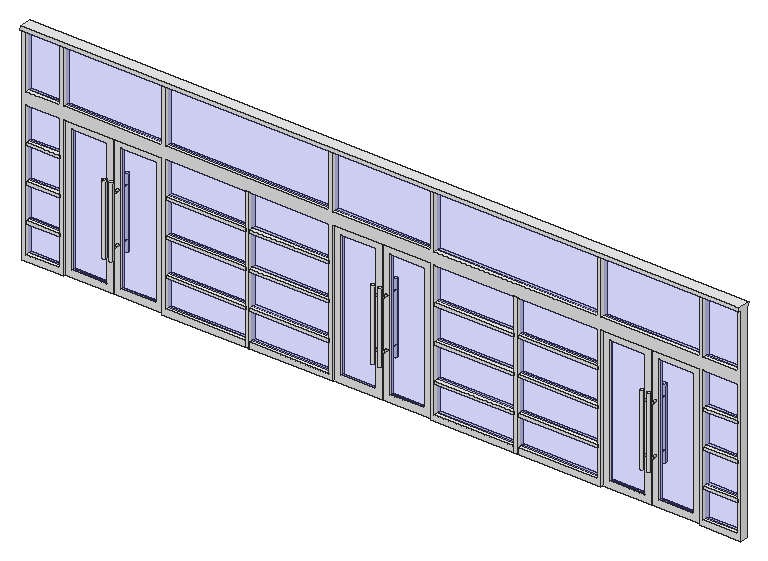
Revit family
Parameters (values of type "3600x1800 mm")
  프레임 = ""
  Height = 3600 mm
  모서리 = 2층 문 모서리
  4프레임 = 2층 문 프레임
  철물 = ""
  Assembly Code = ""
  유리/마감 = ""
  유리 = 2층 문 유리
  위치/개소 = ""
  부호 = "5/AD"
  문번호 = "5"
  문기호 = "AD"
  Wall Closure = (empty or 0)
  개구부 폭 = 1800 mm
Reference planes
  plane 1: y = 0
  plane 2 "중심(왼쪽/오른쪽)": x = -306
  plane 3 "왼쪽": x = -6456
  plane 4 "오른쪽": x = 5844
  plane 5: z = 3600
  plane 6 "외부": y = 100
  plane 7 "내부": y = -100
  plane 8: x = -6396
  plane 9: x = -5746
  plane 10: x = -5806
  plane 11: x = -4906
  plane 12: x = -4066
  plane 13: x = -4006
  plane 14: x = 534
  plane 15: x = -1146
  plane 16: x = -1206
  plane 17: x = 594
  plane 18: x = 5844
  plane 19: x = 5784
  plane 20: x = 5134
  plane 21: x = 5194
  plane 22: x = 4294
  plane 23: x = 3454
  plane 24: x = 3394
  plane 25: z = 2600
  plane 26: z = 100
  plane 27: z = 2400
  plane 28: z = 3540
  plane 29: z = 3570
  plane 30: x = 1963.667
  plane 31: x = 2023.667
  plane 32: x = -2606.333
  plane 33: x = -2636.333
  plane 34: x = -2576.333
  plane 35: x = 5164
  plane 36: y = -60
  plane 37: y = 60
  plane 38: y = -12.5
  plane 39: y = 12.5
  plane 40: x = 1993.667
  plane 41: x = -4966
  plane 42: x = -4846
  plane 43: x = -366
  plane 44: x = -246
  plane 45: x = 4234
  plane 46: x = 4354
  plane 47: z = 3950
  plane 48: z = -240
  plane 49: z = 1800
  plane 50: z = 1200
  plane 51: z = 600
  plane 52: z = 1825
  plane 53: z = 1775
  plane 54: z = 1225
  plane 55: z = 1175
  plane 56: z = 625
  plane 57: z = 575
Forms (mm)
  Extrusion 1, solid, material "2층 문 프레임" <- "4프레임"
    sketch origin (0, 0, 0) x (1, 0, 0) y (0, 1, 0)
      loop
        line (-6456, -60) -> (-5746, -60) -> (-5746, 60) -> (-6456, 60) -> (-6456, -60)
      loop
        line (-4066, -60) -> (-1146, -60) -> (-1146, 60) -> (-4066, 60) -> (-4066, -60)
      loop
        line (5844, -60) -> (5844, 60) -> (5134, 60) -> (5134, -60) -> (5844, -60)
      loop
        line (3454, -60) -> (3454, 60) -> (534, 60) -> (534, -60) -> (3454, -60)
    from 0 to 100
  Extrusion 2, solid, material "2층 문 프레임" <- "4프레임"
    sketch origin (0, 0, 0) x (1, 0, 0) y (0, 1, 0)
      loop
        line (-6456, 60) -> (-6456, -60) -> (5844, -60) -> (5844, 60) -> (-6456, 60)
    from 2600 to 2400
  Extrusion 3, solid, material "2층 문 프레임" <- "4프레임"
    sketch origin (0, 0, 0) x (1, 0, 0) y (0, 1, 0)
      loop
        line (-6456, 100) -> (-6456, -100) -> (5844, -100) -> (5844, 100) -> (-6456, 100)
    from 3600 to 3540
  Extrusion 4, solid, material "2층 문 프레임" <- "4프레임"
    sketch origin (0, 0, 0) x (1, 0, 0) y (0, 1, 0)
      loop
        line (-6456, 60) -> (-6456, -60) -> (-6396, -60) -> (-6396, 60) -> (-6456, 60)
      loop
        line (-5806, 60) -> (-5806, -60) -> (-5746, -60) -> (-5746, 60) -> (-5806, 60)
      loop
        line (-4066, -60) -> (-4006, -60) -> (-4006, 60) -> (-4066, 60) -> (-4066, -60)
      loop
        line (-1206, -60) -> (-1146, -60) -> (-1146, 60) -> (-1206, 60) -> (-1206, -60)
      loop
        line (5844, 60) -> (5784, 60) -> (5784, -60) -> (5844, -60) -> (5844, 60)
      loop
        line (5194, 60) -> (5134, 60) -> (5134, -60) -> (5194, -60) -> (5194, 60)
      loop
        line (3454, -60) -> (3454, 60) -> (3394, 60) -> (3394, -60) -> (3454, -60)
      loop
        line (594, -60) -> (594, 60) -> (534, 60) -> (534, -60) -> (594, -60)
    from 0 to 3600
  Extrusion 5, solid, material "2층 문 유리" <- "유리"
    sketch origin (0, 0, 0) x (1, 0, 0) y (0, 1, 0)
      loop
        line (-6396, -12.5) -> (-5806, -12.5) -> (-5806, 12.5) -> (-6396, 12.5) -> (-6396, -12.5)
      loop
        line (-4006, -12.5) -> (-2636.333, -12.5) -> (-2636.333, 12.5) -> (-4006, 12.5) -> (-4006, -12.5)
      loop
        line (-2576.333, -12.5) -> (-1206, -12.5) -> (-1206, 12.5) -> (-2576.333, 12.5) -> (-2576.333, -12.5)
      loop
        line (5784, -12.5) -> (5784, 12.5) -> (5194, 12.5) -> (5194, -12.5) -> (5784, -12.5)
      loop
        line (3394, -12.5) -> (3394, 12.5) -> (2023.667, 12.5) -> (2023.667, -12.5) -> (3394, -12.5)
      loop
        line (1963.667, -12.5) -> (1963.667, 12.5) -> (594, 12.5) -> (594, -12.5) -> (1963.667, -12.5)
    from 100 to 575
  Extrusion 6, solid, material "2층 문 유리" <- "유리"
    sketch origin (0, 0, 0) x (1, 0, 0) y (0, 1, 0)
      loop
        line (-5746, -12.5) -> (-4906, -12.5) -> (-4906, 12.5) -> (-5746, 12.5) -> (-5746, -12.5)
      loop
        line (-1146, -12.5) -> (-306, -12.5) -> (-306, 12.5) -> (-1146, 12.5) -> (-1146, -12.5)
    from 0 to 2400
  Extrusion 7, solid, material "2층 문 유리" <- "유리"
    sketch origin (0, 0, 0) x (-1, 0, 0) y (0, -1, 0)
      loop
        line (-5134, 12.5) -> (-5134, -12.5) -> (-4294, -12.5) -> (-4294, 12.5) -> (-5134, 12.5)
      loop
        line (-534, 12.5) -> (-534, -12.5) -> (306, -12.5) -> (306, 12.5) -> (-534, 12.5)
    from 0 to 2400
  Extrusion 8, solid, material "2층 문 유리" <- "유리"
    sketch origin (0, 0, 0) x (1, 0, 0) y (0, 1, 0)
      loop
        line (-4906, -12.5) -> (-4066, -12.5) -> (-4066, 12.5) -> (-4906, 12.5) -> (-4906, -12.5)
      loop
        line (3454, -12.5) -> (4294, -12.5) -> (4294, 12.5) -> (3454, 12.5) -> (3454, -12.5)
    from 0 to 2400
  Sweep 9, solid, material "2층 문 모서리" <- "모서리"
    path origin (-6298, -12.5, 0) x (1, 0, 0) y (0, 0, 1)
      loop
        line (5152, 0) -> (5992, 0) -> (5992, 2400) -> (5152, 2400) -> (5152, 0)
    profile origin (-1146, -12.5, 1200) x (-1, 0, 0) y (0, -1, 0)
      loop
        line (0, 0) -> (0, 15) -> (-120, 15) -> (-120, 0) -> (0, 0)
  Sweep 10, solid, material "2층 문 모서리" <- "모서리"
    path origin (10582, -12.5, 0) x (-1, 0, 0) y (0, 0, -1)
      loop
        line (10048, 0) -> (10048, -2400) -> (10888, -2400) -> (10888, 0) -> (10048, 0)
    profile origin (534, -12.5, 1200) x (-1, 0, 0) y (0, -1, 0)
      loop
        line (0, 0) -> (120, 0) -> (120, 15) -> (0, 15) -> (0, 0)
  Sweep 11, solid, material "2층 문 모서리" <- "모서리"
    path origin (-8806, 12.5, 0) x (1, 0, 0) y (0, 0, -1)
      loop
        line (7660, 0) -> (7660, -2400) -> (8500, -2400) -> (8500, 0) -> (7660, 0)
    profile origin (-1146, 12.5, 1200) x (1, 0, 0) y (0, 1, 0)
      loop
        line (0, 0) -> (120, 0) -> (120, 15) -> (0, 15) -> (0, 0)
  Sweep 12, solid, material "2층 문 모서리" <- "모서리"
    path origin (8074, 12.5, 0) x (-1, 0, 0) y (0, 0, 1)
      loop
        line (7540, 0) -> (8380, 0) -> (8380, 2400) -> (7540, 2400) -> (7540, 0)
    profile origin (534, 12.5, 1200) x (1, 0, 0) y (0, 1, 0)
      loop
        line (0, 0) -> (0, 15) -> (-120, 15) -> (-120, 0) -> (0, 0)
  Sweep 13, solid, material "2층 문 모서리" <- "모서리"
    path origin (18302, -12.5, 0) x (-1, 0, 0) y (0, 0, -1)
      loop
        line (13168, 0) -> (13168, -2400) -> (14008, -2400) -> (14008, 0) -> (13168, 0)
    profile origin (5134, -12.5, 1200) x (-1, 0, 0) y (0, -1, 0)
      loop
        line (0, 0) -> (120, 0) -> (120, 15) -> (0, 15) -> (0, 0)
  Sweep 14, solid, material "2층 문 모서리" <- "모서리"
    path origin (-4086, 12.5, 0) x (1, 0, 0) y (0, 0, -1)
      loop
        line (7540, 0) -> (7540, -2400) -> (8380, -2400) -> (8380, 0) -> (7540, 0)
    profile origin (3454, 12.5, 1200) x (1, 0, 0) y (0, 1, 0)
      loop
        line (0, 0) -> (120, 0) -> (120, 15) -> (0, 15) -> (0, 0)
  Sweep 15, solid, material "2층 문 모서리" <- "모서리"
    path origin (12794, 12.5, 0) x (-1, 0, 0) y (0, 0, 1)
      loop
        line (7660, 0) -> (8500, 0) -> (8500, 2400) -> (7660, 2400) -> (7660, 0)
    profile origin (5134, 12.5, 1200) x (1, 0, 0) y (0, 1, 0)
      loop
        line (0, 0) -> (0, 15) -> (-120, 15) -> (-120, 0) -> (0, 0)
  Sweep 16, solid, material "2층 문 모서리" <- "모서리"
    path origin (-12794, 12.5, 0) x (1, 0, 0) y (0, 0, -1)
      loop
        line (7048, 0) -> (7048, -2400) -> (7888, -2400) -> (7888, 0) -> (7048, 0)
    profile origin (-5746, 12.5, 1200) x (1, 0, 0) y (0, 1, 0)
      loop
        line (0, 0) -> (120, 0) -> (120, 15) -> (0, 15) -> (0, 0)
  Sweep 17, solid, material "2층 문 모서리" <- "모서리"
    path origin (4086, 12.5, 0) x (-1, 0, 0) y (0, 0, 1)
      loop
        line (8152, 0) -> (8992, 0) -> (8992, 2400) -> (8152, 2400) -> (8152, 0)
    profile origin (-4066, 12.5, 1200) x (1, 0, 0) y (0, 1, 0)
      loop
        line (0, 0) -> (0, 15) -> (-120, 15) -> (-120, 0) -> (0, 0)
  Sweep 18, solid, material "2층 문 모서리" <- "모서리"
    path origin (-12794, -12.5, 0) x (1, 0, 0) y (0, 0, 1)
      loop
        line (7048, 0) -> (7888, 0) -> (7888, 2400) -> (7048, 2400) -> (7048, 0)
    profile origin (-5746, -12.5, 1200) x (-1, 0, 0) y (0, -1, 0)
      loop
        line (0, 0) -> (0, 15) -> (-120, 15) -> (-120, 0) -> (0, 0)
  Sweep 19, solid, material "2층 문 모서리" <- "모서리"
    path origin (4086, -12.5, 0) x (-1, 0, 0) y (0, 0, -1)
      loop
        line (8152, 0) -> (8152, -2400) -> (8992, -2400) -> (8992, 0) -> (8152, 0)
    profile origin (-4066, -12.5, 1200) x (-1, 0, 0) y (0, -1, 0)
      loop
        line (0, 0) -> (120, 0) -> (120, 15) -> (0, 15) -> (0, 0)
  Sweep 20, solid, material "2층 문 모서리" <- "모서리"
    path origin (-4086, -12.5, 0) x (1, 0, 0) y (0, 0, 1)
      loop
        line (7540, 0) -> (8380, 0) -> (8380, 2400) -> (7540, 2400) -> (7540, 0)
    profile origin (3454, -12.5, 1200) x (-1, 0, 0) y (0, -1, 0)
      loop
        line (0, 0) -> (0, 15) -> (-120, 15) -> (-120, 0) -> (0, 0)
  Extrusion 21, solid, material "2층 문 유리" <- "유리"
    sketch origin (0, 0, 0) x (1, 0, 0) y (0, 1, 0)
      loop
        line (-6396, -12.5) -> (-5806, -12.5) -> (-5806, 12.5) -> (-6396, 12.5) -> (-6396, -12.5)
      loop
        line (-5746, -12.5) -> (-4066, -12.5) -> (-4066, 12.5) -> (-5746, 12.5) -> (-5746, -12.5)
      loop
        line (-4006, -12.5) -> (-1206, -12.5) -> (-1206, 12.5) -> (-4006, 12.5) -> (-4006, -12.5)
      loop
        line (-1146, -12.5) -> (534, -12.5) -> (534, 12.5) -> (-1146, 12.5) -> (-1146, -12.5)
      loop
        line (594, -12.5) -> (3394, -12.5) -> (3394, 12.5) -> (594, 12.5) -> (594, -12.5)
      loop
        line (3454, -12.5) -> (5134, -12.5) -> (5134, 12.5) -> (3454, 12.5) -> (3454, -12.5)
      loop
        line (5194, -12.5) -> (5784, -12.5) -> (5784, 12.5) -> (5194, 12.5) -> (5194, -12.5)
    from 2600 to 3540
  Extrusion 22, solid, material "2층 문 프레임" <- "4프레임"
    sketch origin (0, 0, 0) x (1, 0, 0) y (0, 1, 0)
      loop
        line (-2636.333, -60) -> (-2576.333, -60) -> (-2576.333, 60) -> (-2636.333, 60) -> (-2636.333, -60)
      loop
        line (2023.667, -60) -> (2023.667, 60) -> (1963.667, 60) -> (1963.667, -60) -> (2023.667, -60)
    from 0 to 2400
  Extrusion 23, solid, material "2층 문 프레임" <- "4프레임"
    sketch origin (10686.676, 300, 1775) x (1, 0, 0) y (0, 1, 0)
      loop
        line (-17082.676, -360) -> (-16492.676, -360) -> (-16492.676, -240) -> (-17082.676, -240) -> (-17082.676, -360)
      loop
        line (-14692.676, -360) -> (-13323.009, -360) -> (-13323.009, -240) -> (-14692.676, -240) -> (-14692.676, -360)
      loop
        line (-11892.676, -240) -> (-13263.009, -240) -> (-13263.009, -360) -> (-11892.676, -360) -> (-11892.676, -240)
      loop
        line (-4902.676, -360) -> (-4902.676, -240) -> (-5492.676, -240) -> (-5492.676, -360) -> (-4902.676, -360)
      loop
        line (-7292.676, -360) -> (-7292.676, -240) -> (-8663.009, -240) -> (-8663.009, -360) -> (-7292.676, -360)
      loop
        line (-10092.676, -240) -> (-10092.676, -360) -> (-8723.009, -360) -> (-8723.009, -240) -> (-10092.676, -240)
    from 0 to 50
  Extrusion 24, solid, material "2층 문 프레임" <- "4프레임"
    sketch origin (10686.676, 300, 1175) x (1, 0, 0) y (0, 1, 0)
      loop
        line (-17082.676, -360) -> (-16492.676, -360) -> (-16492.676, -240) -> (-17082.676, -240) -> (-17082.676, -360)
      loop
        line (-14692.676, -360) -> (-13323.009, -360) -> (-13323.009, -240) -> (-14692.676, -240) -> (-14692.676, -360)
      loop
        line (-11892.676, -240) -> (-13263.009, -240) -> (-13263.009, -360) -> (-11892.676, -360) -> (-11892.676, -240)
      loop
        line (-4902.676, -360) -> (-4902.676, -240) -> (-5492.676, -240) -> (-5492.676, -360) -> (-4902.676, -360)
      loop
        line (-7292.676, -360) -> (-7292.676, -240) -> (-8663.009, -240) -> (-8663.009, -360) -> (-7292.676, -360)
      loop
        line (-10092.676, -240) -> (-10092.676, -360) -> (-8723.009, -360) -> (-8723.009, -240) -> (-10092.676, -240)
    from 0 to 50
  Extrusion 25, solid, material "2층 문 프레임" <- "4프레임"
    sketch origin (10686.676, 300, 575) x (1, 0, 0) y (0, 1, 0)
      loop
        line (-17082.676, -360) -> (-16492.676, -360) -> (-16492.676, -240) -> (-17082.676, -240) -> (-17082.676, -360)
      loop
        line (-14692.676, -360) -> (-13323.009, -360) -> (-13323.009, -240) -> (-14692.676, -240) -> (-14692.676, -360)
      loop
        line (-11892.676, -240) -> (-13263.009, -240) -> (-13263.009, -360) -> (-11892.676, -360) -> (-11892.676, -240)
      loop
        line (-4902.676, -360) -> (-4902.676, -240) -> (-5492.676, -240) -> (-5492.676, -360) -> (-4902.676, -360)
      loop
        line (-7292.676, -360) -> (-7292.676, -240) -> (-8663.009, -240) -> (-8663.009, -360) -> (-7292.676, -360)
      loop
        line (-10092.676, -240) -> (-10092.676, -360) -> (-8723.009, -360) -> (-8723.009, -240) -> (-10092.676, -240)
    from 0 to 50
  Extrusion 26, solid, material "2층 문 유리" <- "유리"
    sketch origin (0, 0, 525) x (1, 0, 0) y (0, 1, 0)
      loop
        line (-6396, -12.5) -> (-5806, -12.5) -> (-5806, 12.5) -> (-6396, 12.5) -> (-6396, -12.5)
      loop
        line (-4006, -12.5) -> (-2636.333, -12.5) -> (-2636.333, 12.5) -> (-4006, 12.5) -> (-4006, -12.5)
      loop
        line (-2576.333, -12.5) -> (-1206, -12.5) -> (-1206, 12.5) -> (-2576.333, 12.5) -> (-2576.333, -12.5)
      loop
        line (5784, -12.5) -> (5784, 12.5) -> (5194, 12.5) -> (5194, -12.5) -> (5784, -12.5)
      loop
        line (3394, -12.5) -> (3394, 12.5) -> (2023.667, 12.5) -> (2023.667, -12.5) -> (3394, -12.5)
      loop
        line (1963.667, -12.5) -> (1963.667, 12.5) -> (594, 12.5) -> (594, -12.5) -> (1963.667, -12.5)
    from 100 to 650
  Extrusion 27, solid, material "2층 문 유리" <- "유리"
    sketch origin (0, 0, 1125) x (1, 0, 0) y (0, 1, 0)
      loop
        line (-6396, -12.5) -> (-5806, -12.5) -> (-5806, 12.5) -> (-6396, 12.5) -> (-6396, -12.5)
      loop
        line (-4006, -12.5) -> (-2636.333, -12.5) -> (-2636.333, 12.5) -> (-4006, 12.5) -> (-4006, -12.5)
      loop
        line (-2576.333, -12.5) -> (-1206, -12.5) -> (-1206, 12.5) -> (-2576.333, 12.5) -> (-2576.333, -12.5)
      loop
        line (5784, -12.5) -> (5784, 12.5) -> (5194, 12.5) -> (5194, -12.5) -> (5784, -12.5)
      loop
        line (3394, -12.5) -> (3394, 12.5) -> (2023.667, 12.5) -> (2023.667, -12.5) -> (3394, -12.5)
      loop
        line (1963.667, -12.5) -> (1963.667, 12.5) -> (594, 12.5) -> (594, -12.5) -> (1963.667, -12.5)
    from 100 to 650
  Extrusion 28, solid, material "2층 문 유리" <- "유리"
    sketch origin (0, 0, 1725) x (1, 0, 0) y (0, 1, 0)
      loop
        line (-6396, -12.5) -> (-5806, -12.5) -> (-5806, 12.5) -> (-6396, 12.5) -> (-6396, -12.5)
      loop
        line (-4006, -12.5) -> (-2636.333, -12.5) -> (-2636.333, 12.5) -> (-4006, 12.5) -> (-4006, -12.5)
      loop
        line (-2576.333, -12.5) -> (-1206, -12.5) -> (-1206, 12.5) -> (-2576.333, 12.5) -> (-2576.333, -12.5)
      loop
        line (5784, -12.5) -> (5784, 12.5) -> (5194, 12.5) -> (5194, -12.5) -> (5784, -12.5)
      loop
        line (3394, -12.5) -> (3394, 12.5) -> (2023.667, 12.5) -> (2023.667, -12.5) -> (3394, -12.5)
      loop
        line (1963.667, -12.5) -> (1963.667, 12.5) -> (594, 12.5) -> (594, -12.5) -> (1963.667, -12.5)
    from 100 to 675
Cuts and joins
  joined: Extrusion 1, Extrusion 2, Extrusion 3, Extrusion 4
Lines and regions (mm)
  Opening 1
    outline origin (-3050, -100, 0) x (1, 0, 0) y (0, 0, 1)
      loop
        line (-3406, 0) -> (8894, 0) -> (8894, 3600) -> (-3406, 3600) -> (-3406, 0)
  symbolic lines
    curve 1: line (5849, 100, 3605) -> (-6461, 100, 3605)
    curve 2: line (-6456, 100, 3950) -> (-6456, 100, -240)
    curve 3: line (-6756, 100, 0) -> (6144, 100, 0)
    curve 4: line (5849, 100, 0) -> (5849, 100, 3605)
    curve 5: line (6144, 100, 3600) -> (-6756, 100, 3600)
    curve 6: line (5839, 100, 3595) -> (-6451, 100, 3595)
    curve 7: line (5844, 100, -240) -> (5844, 100, 3950)
    curve 8: line (5839, 100, 5) -> (5839, 100, 3595)
    curve 9: line (-6451, 100, 5) -> (5839, 100, 5)
    curve 10: line (-6451, 100, 3595) -> (-6451, 100, 5)
    curve 11: line (-6461, 100, 3605) -> (-6461, 100, 0)
    curve 12: line (4294, -27.5, 0) -> (4294, 32.5, 0)
    curve 13: line (-4906, 27.5, 0) -> (-4906, -27.5, 0)
    curve 14: line (-4906, -27.5, 0) -> (-4906, 27.5, 0)
    curve 15: line (-5746, 0, 0) -> (-5746, 840, 0)
    curve 16: arc (-5746, 840, 0) -> (-5152.03, 593.97, 0) -> (-4906, 0, 0) r 840
    curve 17: line (-5746, 0, 0) -> (-5746, -840, 0)
    curve 18: arc (-5746, -840, 0) -> (-5152.03, -593.97, 0) -> (-4906, 0, 0) r 840
    curve 19: line (-4066, 0, 0) -> (-4066, 840, 0)
    curve 20: arc (-4066, 840, 0) -> (-4659.97, 593.97, 0) -> (-4906, 0, 0) r 840
    curve 21: line (-4066, 0, 0) -> (-4066, -840, 0)
    curve 22: arc (-4066, -840, 0) -> (-4659.97, -593.97, 0) -> (-4906, 0, 0) r 840
    curve 23: line (-5746, 0, 0) -> (-5746, 840, 0)
    curve 24: arc (-5746, 840, 0) -> (-5152.03, 593.97, 0) -> (-4906, 0, 0) r 840
    curve 25: line (-5746, 0, 0) -> (-5746, -840, 0)
    curve 26: arc (-5746, -840, 0) -> (-5152.03, -593.97, 0) -> (-4906, 0, 0) r 840
    curve 27: line (-4066, 0, 0) -> (-4066, 840, 0)
    curve 28: arc (-4066, 840, 0) -> (-4659.97, 593.97, 0) -> (-4906, 0, 0) r 840
    curve 29: line (-4066, 0, 0) -> (-4066, -840, 0)
    curve 30: arc (-4066, -840, 0) -> (-4659.97, -593.97, 0) -> (-4906, 0, 0) r 840
    curve 31: line (3454, 0, 0) -> (3454, 840, 0)
    curve 32: arc (3454, 840, 0) -> (4047.97, 593.97, 0) -> (4294, 0, 0) r 840
    curve 33: line (3454, 0, 0) -> (3454, -840, 0)
    curve 34: arc (3454, -840, 0) -> (4047.97, -593.97, 0) -> (4294, 0, 0) r 840
    curve 35: line (5134, 0, 0) -> (5134, 840, 0)
    curve 36: arc (5134, 840, 0) -> (4540.03, 593.97, 0) -> (4294, 0, 0) r 840
    curve 37: line (5134, 0, 0) -> (5134, -840, 0)
    curve 38: arc (5134, -840, 0) -> (4540.03, -593.97, 0) -> (4294, 0, 0) r 840
    curve 39: line (3454, 0, 0) -> (3454, 840, 0)
    curve 40: arc (3454, 840, 0) -> (4047.97, 593.97, 0) -> (4294, 0, 0) r 840
    curve 41: line (3454, 0, 0) -> (3454, -840, 0)
    curve 42: arc (3454, -840, 0) -> (4047.97, -593.97, 0) -> (4294, 0, 0) r 840
    curve 43: line (5134, 0, 0) -> (5134, 840, 0)
    curve 44: arc (5134, 840, 0) -> (4540.03, 593.97, 0) -> (4294, 0, 0) r 840
    curve 45: line (5134, 0, 0) -> (5134, -840, 0)
    curve 46: arc (5134, -840, 0) -> (4540.03, -593.97, 0) -> (4294, 0, 0) r 840
    curve 47: line (-1146, 0, 0) -> (-1146, 840, 0)
    curve 48: arc (-1146, 840, 0) -> (-552.03, 593.97, 0) -> (-306, 0, 0) r 840
    curve 49: line (-1146, 0, 0) -> (-1146, -840, 0)
    curve 50: arc (-1146, -840, 0) -> (-552.03, -593.97, 0) -> (-306, 0, 0) r 840
    curve 51: line (534, 0, 0) -> (534, 840, 0)
    curve 52: arc (534, 840, 0) -> (-59.97, 593.97, 0) -> (-306, 0, 0) r 840
    curve 53: line (534, 0, 0) -> (534, -840, 0)
    curve 54: arc (534, -840, 0) -> (-59.97, -593.97, 0) -> (-306, 0, 0) r 840
    curve 55: line (-5711, 0, 0) -> (-5711, 840, 0)
    curve 56: line (-5711, 0, 0) -> (-5711, -840, 0)
    curve 57: line (-4101, 0, 0) -> (-4101, -840, 0)
    curve 58: line (-4101, 0, 0) -> (-4101, 840, 0)
    curve 59: line (-1111, 0, 0) -> (-1111, 840, 0)
    curve 60: line (-1111, 0, 0) -> (-1111, -840, 0)
    curve 61: line (499, 0, 0) -> (499, -840, 0)
    curve 62: line (499, 0, 0) -> (499, 840, 0)
    curve 63: line (3489, 0, 0) -> (3489, 840, 0)
    curve 64: line (3489, 0, 0) -> (3489, -840, 0)
    curve 65: line (5099, 0, 0) -> (5099, 840, 0)
    curve 66: line (5099, 0, 0) -> (5099, -840, 0)
Text (mm)
  text "외부" at (-2295.016, 1099.543, 0), in view "참조 레벨"
  text "외부" at (0, 1615.38, 3698.081), in view "왼쪽"
  text "외부" at (0, 1036.032, 3874.932), in view "오른쪽"
Dimensions and locks
  plane 3 "왼쪽" to plane 2 "중심(왼쪽/오른쪽)" to plane 4 "오른쪽" = 6150 mm, 6150 mm
  plane 3 "왼쪽" to plane 4 "오른쪽" = 12300 mm
  host wall to plane 5 = 3600 mm
  "Height": level to plane 5
  locked: plane 6 "외부" to host wall at 0
  locked: plane 7 "내부" to host wall
  locked: plane 3 "왼쪽" to plane 8 at 60
  locked: plane 10 to plane 9 at 60
  locked: plane 12 to plane 13 at 60
  locked: plane 16 to plane 15 at 60
  locked: plane 14 to plane 17 at 60
  locked: plane 24 to plane 23 at 60
  locked: plane 20 to plane 21 at 60
  locked: plane 19 to plane 18 at 60
  level to plane 27 = 2400 mm
  locked: plane 27 to plane 25 at 200
  equal spacing: plane 36, plane 1, plane 37
  locked: plane 36 to plane 37 at 120
  equal spacing: plane 38, plane 1, plane 39
  locked: plane 38 to plane 39 at 25
  locked: plane 40 to plane 31 at 30
  locked: plane 30 to plane 40 at 30
  equal spacing: plane 20, plane 35, plane 21
  plane 33 to plane 32 to plane 34 = 30 mm locked, 30 mm locked
  locked: plane 29 to plane 5 at 30
  locked: plane 28 to plane 29 at 30
  equal spacing: plane 9, plane 11, plane 12
  equal spacing: plane 15, plane 2 "중심(왼쪽/오른쪽)", plane 14
  plane 23 to plane 22 to plane 20 = 840 mm, 840 mm
  plane 41 to plane 11 to plane 42 = 60 mm locked, 60 mm locked
  plane 43 to plane 2 "중심(왼쪽/오른쪽)" to plane 44 = 60 mm locked, 60 mm locked
  plane 45 to plane 22 to plane 46 = 60 mm locked, 60 mm locked
  curve 10 to curve 2 to curve 11 = 5 mm locked, 5 mm locked
  locked: curve 3 to curve 9 at 5
  curve 8 to curve 7 to curve 4 = 5 mm locked, 5 mm locked
  curve 6 to curve 5 to curve 1 = 5 mm locked, 5 mm locked
  plane 3 "왼쪽" to plane 10 = 650 mm
  plane 21 to plane 18 = 650 mm
  "개구부 폭": plane 10 to plane 13
  plane 24 to plane 21 = 1800 mm
  "개구부 폭": plane 16 to plane 17
  plane 13 to plane 16 = 2800 mm
  plane 17 to plane 24 = 2800 mm
  locked: curve 7 to curve 5 at 300
  locked: curve 2 to curve 5 at 300
  locked: curve 7 to curve 3 at 300
  locked: curve 2 to curve 3 at 300
  locked: plane 26 to level at 100
  equal spacing: plane 27, plane 49, plane 50, plane 51, level
  plane 13 to plane 32 to plane 16 = 1399.667 mm, 1400.333 mm
  plane 17 to plane 40 to plane 24 = 1399.667 mm, 1400.333 mm
  aligned and locked: plane 3 "왼쪽" to Opening 1 sketch curve
  aligned and locked: plane 5 to Opening 1 sketch curve  (x2)
  aligned and locked: Opening 1 sketch curve to plane 4 "오른쪽"
  aligned and locked: Opening 1 sketch curve to level
  aligned and locked: plane 1 to host wall
  aligned and locked: host wall to Extrusion 1 sketch curve
  aligned and locked: Extrusion 1 sketch curve to plane 9
  aligned and locked: plane 12 to Extrusion 1 sketch curve
  aligned and locked: plane 15 to Extrusion 1 sketch curve
  aligned and locked: plane 14 to Extrusion 1 sketch curve
  aligned and locked: Extrusion 1 sketch curve to plane 23
  aligned and locked: plane 20 to Extrusion 1 sketch curve
  aligned and locked: Extrusion 1 sketch curve to plane 18
  aligned and locked: plane 26 to Extrusion 1
  aligned and locked: host wall to Extrusion 2 sketch curve  (x2)
  aligned and locked: Extrusion 2 to plane 27
  aligned and locked: plane 25 to Extrusion 2
  aligned and locked: Extrusion 3 to host wall
  aligned and locked: plane 28 to Extrusion 3
  aligned and locked: host wall to Extrusion 4 sketch curve
  aligned and locked: plane 8 to Extrusion 4 sketch curve
  aligned and locked: plane 10 to Extrusion 4 sketch curve
  aligned and locked: Extrusion 4 sketch curve to Extrusion 1
  aligned and locked: Extrusion 1 to Extrusion 4 sketch curve  (x2)
  aligned and locked: Extrusion 4 sketch curve to plane 13
  aligned and locked: plane 16 to Extrusion 4 sketch curve
  aligned and locked: Extrusion 4 sketch curve to plane 17
  aligned and locked: plane 14 to Extrusion 4 sketch curve
  aligned and locked: plane 24 to Extrusion 4 sketch curve
  aligned and locked: Extrusion 4 sketch curve to plane 23
  aligned and locked: plane 21 to Extrusion 4 sketch curve
  aligned and locked: Extrusion 4 sketch curve to plane 20
  aligned and locked: Extrusion 4 sketch curve to plane 19
  aligned and locked: plane 18 to Extrusion 4 sketch curve
  aligned and locked: Extrusion 1 sketch curve to plane 37  (x2)
  aligned and locked: plane 36 to Extrusion 1 sketch curve  (x2)
  aligned and locked: plane 37 to Extrusion 1 sketch curve  (x2)
  aligned and locked: Extrusion 1 sketch curve to plane 36  (x2)
  aligned and locked: plane 8 to Extrusion 5 sketch curve
  aligned and locked: plane 38 to Extrusion 5 sketch curve
  aligned and locked: plane 39 to Extrusion 5 sketch curve  (x5)
  aligned and locked: Extrusion 5 sketch curve to plane 10
  aligned and locked: plane 33 to Extrusion 5 sketch curve
  aligned and locked: Extrusion 5 sketch curve to plane 39
  aligned and locked: plane 34 to Extrusion 5 sketch curve
  aligned and locked: plane 16 to Extrusion 5 sketch curve
  aligned and locked: Extrusion 5 sketch curve to plane 38  (x3)
  aligned and locked: plane 30 to Extrusion 5 sketch curve
  aligned and locked: cut or joined group of Extrusion 1, Extrusion 2, Extrusion 3, Extrusion 4 to Extrusion 5 sketch curve
  aligned and locked: Extrusion 5 sketch curve to plane 19
  aligned and locked: plane 18 to plane 4 "오른쪽"
  aligned and locked: plane 9 to Extrusion 6 sketch curve
  aligned and locked: plane 38 to Extrusion 6 sketch curve  (x2)
  aligned and locked: plane 39 to Extrusion 6 sketch curve  (x2)
  aligned and locked: Extrusion 6 sketch curve to plane 11
  aligned and locked: plane 15 to Extrusion 6 sketch curve
  aligned and locked: plane 2 "중심(왼쪽/오른쪽)" to Extrusion 6 sketch curve
  aligned and locked: Extrusion 7 sketch curve to plane 14
  aligned and locked: plane 2 "중심(왼쪽/오른쪽)" to Extrusion 7 sketch curve
  aligned and locked: plane 22 to Extrusion 7 sketch curve
  aligned and locked: Extrusion 7 sketch curve to plane 38
  aligned and locked: plane 39 to Extrusion 7 sketch curve
  aligned and locked: Extrusion 7 sketch curve to plane 20
  aligned and locked: Extrusion 8 sketch curve to Extrusion 6
  aligned and locked: Extrusion 6 to Extrusion 8 sketch curve
  aligned and locked: plane 39 to Extrusion 8 sketch curve
  aligned and locked: Extrusion 8 sketch curve to plane 12
  aligned and locked: plane 23 to Extrusion 8 sketch curve
  aligned and locked: plane 38 to Extrusion 8 sketch curve
  aligned and locked: Extrusion 7 to Extrusion 8 sketch curve
  aligned and locked: Extrusion 8 sketch curve to Extrusion 7
  aligned and locked: cut or joined group of Extrusion 1, Extrusion 2, Extrusion 3, Extrusion 4 to cut or joined group of Extrusion 1, Extrusion 2, Extrusion 3, Extrusion 4
  aligned and locked: plane 11 to Extrusion 8
  aligned and locked: plane 2 "중심(왼쪽/오른쪽)" to Extrusion 7
  aligned and locked: plane 22 to Extrusion 8  (x2)
  aligned and locked: plane 11 to Sweep 17
  aligned and locked: Extrusion 6 to plane 11
  aligned and locked: Sweep 16 to plane 11
  aligned and locked: plane 41 to nested 1  (x2)
  aligned and locked: nested 4 to plane 42
  aligned and locked: nested 3 to plane 41
  aligned and locked: plane 42 to nested 2
  aligned and locked: plane 43 to nested 5
  aligned and locked: plane 44 to nested 6
  aligned and locked: plane 43 to nested 7
  aligned and locked: plane 44 to nested 8
  aligned and locked: Sweep 12 to plane 2 "중심(왼쪽/오른쪽)"
  aligned and locked: plane 2 "중심(왼쪽/오른쪽)" to Extrusion 6
  aligned and locked: Extrusion 7 to plane 2 "중심(왼쪽/오른쪽)"
  aligned and locked: Sweep 10 to plane 2 "중심(왼쪽/오른쪽)"
  aligned and locked: plane 2 "중심(왼쪽/오른쪽)" to Sweep 9
  aligned and locked: Sweep 15 to plane 22
  aligned and locked: plane 22 to Sweep 14
  aligned and locked: Extrusion 7 to plane 22
  aligned and locked: Sweep 13 to plane 22
  aligned and locked: plane 45 to nested 11
  aligned and locked: nested 9 to plane 45
  aligned and locked: plane 46 to nested 12
  aligned and locked: nested 10 to plane 46
  aligned and locked: cut or joined group of Extrusion 1, Extrusion 2, Extrusion 3, Extrusion 4 to plane 20
  aligned and locked: plane 20 to Sweep 15
  aligned and locked: plane 20 to Sweep 13
  aligned and locked: cut or joined group of Extrusion 1, Extrusion 2, Extrusion 3, Extrusion 4 to plane 14
  aligned and locked: plane 14 to Sweep 12
  aligned and locked: plane 14 to Sweep 10
  aligned and locked: plane 15 to cut or joined group of Extrusion 1, Extrusion 2, Extrusion 3, Extrusion 4
  aligned and locked: Sweep 9 to plane 15
  aligned and locked: Sweep 11 to plane 15
  aligned and locked: curve 7 to plane 18
  aligned and locked: curve 2 to cut or joined group of Extrusion 1, Extrusion 2, Extrusion 3, Extrusion 4
  aligned and locked: level to curve 3
  aligned and locked: cut or joined group of Extrusion 1, Extrusion 2, Extrusion 3, Extrusion 4 to plane 13
  aligned and locked: cut or joined group of Extrusion 1, Extrusion 2, Extrusion 3, Extrusion 4 to plane 24
  aligned and locked: plane 24 to Extrusion 5
  aligned and locked: Extrusion 21 to cut or joined group of Extrusion 1, Extrusion 2, Extrusion 3, Extrusion 4
  aligned and locked: plane 27 to Extrusion 7
  aligned and locked: plane 27 to Extrusion 8
  aligned and locked: plane 27 to Extrusion 6
  aligned and locked: Extrusion 21 to plane 25
  aligned and locked: Extrusion 4 sketch curve to plane 36  (x4)
  aligned and locked: plane 37 to Extrusion 4 sketch curve  (x4)
  aligned and locked: Extrusion 4 sketch curve to plane 37  (x4)
  aligned and locked: plane 36 to Extrusion 4 sketch curve  (x4)
  aligned and locked: plane 13 to Extrusion 5
  aligned and locked: Extrusion 5 to plane 17
  aligned and locked: Extrusion 21 sketch curve to plane 17
  aligned and locked: plane 13 to Extrusion 21 sketch curve
  aligned and locked: Extrusion 5 to plane 26
  aligned and locked: plane 19 to Extrusion 23
  aligned and locked: Extrusion 23 to plane 21
  aligned and locked: plane 24 to Extrusion 23
  aligned and locked: Extrusion 23 to plane 17
  aligned and locked: plane 16 to Extrusion 23
  aligned and locked: plane 13 to Extrusion 23
  aligned and locked: Extrusion 23 to plane 10
  aligned and locked: plane 8 to Extrusion 23
  aligned and locked: plane 57 to Extrusion 5
  aligned and locked: plane 55 to Extrusion 26
  aligned and locked: plane 27 to Extrusion 28
  aligned and locked: Extrusion 25 sketch curve to Extrusion 22
  aligned and locked: Extrusion 23 sketch curve to Extrusion 22
Automatic sketch dimensions
  curve 16 to curve 18 = 0 mm  (x2)
  curve 16 to curve 24 = 0 mm  (x2)
  curve 16 to curve 26 = 0 mm  (x2)
  curve 18 to curve 24 = 0 mm  (x2)
  curve 18 to curve 26 = 0 mm  (x2)
  curve 20 to curve 22 = 0 mm  (x2)
  curve 20 to curve 28 = 0 mm  (x2)
  curve 20 to curve 30 = 0 mm  (x2)
  curve 22 to curve 28 = 0 mm  (x2)
  curve 22 to curve 30 = 0 mm  (x2)
  curve 24 to curve 26 = 0 mm  (x2)
  curve 28 to curve 30 = 0 mm  (x2)
  curve 32 to curve 34 = 0 mm  (x2)
  curve 32 to curve 40 = 0 mm  (x2)
  curve 32 to curve 42 = 0 mm  (x2)
  curve 34 to curve 40 = 0 mm  (x2)
  curve 34 to curve 42 = 0 mm  (x2)
  curve 36 to curve 38 = 0 mm  (x2)
  curve 36 to curve 44 = 0 mm  (x2)
  curve 36 to curve 46 = 0 mm  (x2)
  curve 38 to curve 44 = 0 mm  (x2)
  curve 38 to curve 46 = 0 mm  (x2)
  curve 40 to curve 42 = 0 mm  (x2)
  curve 44 to curve 46 = 0 mm  (x2)
  curve 48 to curve 50 = 0 mm  (x2)
  curve 52 to curve 54 = 0 mm  (x2)
  curve 25 to plane 9 = 0 mm
  curve 55 to host wall = 0 mm
  curve 20 to host wall = 0 mm
  curve 20 to plane 11 = 0 mm
  curve 57 to host wall = 0 mm
  curve 27 to host wall = 0 mm
  curve 27 to plane 12 = 0 mm
  curve 49 to host wall = 0 mm
  curve 49 to plane 15 = 0 mm
  curve 60 to host wall = 0 mm
  curve 54 to host wall = 0 mm
  curve 54 to plane 2 "중심(왼쪽/오른쪽)" = 0 mm
  curve 50 to plane 2 "중심(왼쪽/오른쪽)" = 0 mm
  curve 62 to host wall = 0 mm
  curve 54 to plane 14 = 0 mm
  curve 40 to host wall = 0 mm
  curve 40 to plane 23 = 0 mm
  curve 64 to host wall = 0 mm
  curve 32 to plane 22 = 0 mm
  curve 65 to host wall = 0 mm
  curve 44 to plane 20 = 0 mm
  curve 24 to host wall = 0 mm
  curve 25 to host wall = 0 mm
  curve 31 to host wall = 0 mm
  curve 35 to host wall = 0 mm
  curve 51 to host wall = 0 mm
  curve 15 to curve 55 = 35 mm
  plane 12 to curve 57 = 35 mm
  plane 15 to curve 60 = 35 mm
  curve 62 to curve 52 = 35 mm
  plane 23 to curve 64 = 35 mm
  curve 66 to curve 37 = 35 mm
  curve 60 to curve 49 = 0 mm
  curve 61 to curve 53 = 0 mm
  curve 64 to curve 33 = 0 mm
  curve 66 to curve 37 = 0 mm
  curve 57 to curve 21 = 0 mm
  curve 56 to curve 17 = 0 mm
  plane 38 to curve 14 = 15 mm
  plane 38 to curve 12 = 15 mm
  curve 14 to curve 13 = 0 mm
  curve 14 to plane 39 = 15 mm
  curve 13 to curve 14 = 0 mm
  curve 12 to plane 39 = 20 mm
  curve 55 to curve 15 = 0 mm
  curve 58 to curve 19 = 0 mm
  curve 59 to curve 47 = 0 mm
  curve 62 to curve 52 = 0 mm
  curve 63 to curve 31 = 0 mm
  curve 65 to curve 35 = 0 mm
  Extrusion 2 sketch curve to plane 36 = 0 mm
  Extrusion 2 sketch curve to plane 37 = 0 mm
  Extrusion 3 sketch curve to host wall = 0 mm  (x2)
  Extrusion 3 sketch curve to plane 3 "왼쪽" = 0 mm
  Extrusion 3 sketch curve to plane 4 "오른쪽" = 0 mm
  Extrusion 5 sketch curve to plane 13 = 0 mm
  Extrusion 5 sketch curve to plane 17 = 0 mm
  Extrusion 5 sketch curve to plane 31 = 0 mm
  Extrusion 5 sketch curve to plane 24 = 0 mm
  Extrusion 5 sketch curve to plane 38 = 0 mm  (x2)
  Extrusion 5 sketch curve to plane 39 = 0 mm
  Extrusion 7 sketch curve to plane 38 = 0 mm
  Extrusion 7 sketch curve to plane 39 = 0 mm
  Sweep 9 sketch curve to plane 15 = 0 mm
  Sweep 9 sketch curve to level = 0 mm
  Sweep 9 sketch curve to plane 2 "중심(왼쪽/오른쪽)" = 0 mm
  Sweep 9 sketch curve to plane 27 = 0 mm
  Sweep 9 sketch curve to profile plane = 0 mm  (x2)
  profile plane to Sweep 9 sketch curve = 15 mm
  Sweep 9 sketch curve to Sweep 9 sketch curve = 120 mm
  Sweep 10 sketch curve to plane 14 = 0 mm
  Sweep 10 sketch curve to level = 0 mm
  Sweep 10 sketch curve to plane 2 "중심(왼쪽/오른쪽)" = 0 mm
  Sweep 10 sketch curve to plane 27 = 0 mm
  Sweep 10 sketch curve to profile plane = 0 mm  (x2)
  profile plane to Sweep 10 sketch curve = 15 mm
  Sweep 10 sketch curve to Sweep 10 sketch curve = 120 mm
  Sweep 11 sketch curve to plane 15 = 0 mm
  Sweep 11 sketch curve to level = 0 mm
  Sweep 11 sketch curve to plane 2 "중심(왼쪽/오른쪽)" = 0 mm
  Sweep 11 sketch curve to plane 27 = 0 mm
  Sweep 11 sketch curve to profile plane = 0 mm  (x2)
  profile plane to Sweep 11 sketch curve = 15 mm
  Sweep 11 sketch curve to profile plane = 120 mm
  Sweep 12 sketch curve to plane 27 = 0 mm
  Sweep 12 sketch curve to level = 0 mm
  plane 14 to Sweep 12 sketch curve = 0 mm
  Sweep 12 sketch curve to plane 2 "중심(왼쪽/오른쪽)" = 0 mm
  Sweep 12 sketch curve to profile plane = 0 mm
  profile plane to Sweep 12 sketch curve = 120 mm
  profile plane to Sweep 12 sketch curve = 0 mm
  profile plane to Sweep 12 sketch curve = 15 mm
  Sweep 13 sketch curve to plane 20 = 0 mm
  Sweep 13 sketch curve to level = 0 mm
  Sweep 13 sketch curve to plane 22 = 0 mm
  Sweep 13 sketch curve to plane 27 = 0 mm
  Sweep 13 sketch curve to profile plane = 0 mm  (x2)
  profile plane to Sweep 13 sketch curve = 15 mm
  Sweep 13 sketch curve to profile plane = 120 mm
  Sweep 14 sketch curve to plane 23 = 0 mm
  Sweep 14 sketch curve to level = 0 mm
  Sweep 14 sketch curve to plane 22 = 0 mm
  Sweep 14 sketch curve to plane 27 = 0 mm
  Sweep 14 sketch curve to profile plane = 0 mm  (x2)
  profile plane to Sweep 14 sketch curve = 15 mm
  Sweep 14 sketch curve to profile plane = 120 mm
  Sweep 15 sketch curve to plane 20 = 0 mm
  Sweep 15 sketch curve to level = 0 mm
  Sweep 15 sketch curve to plane 22 = 0 mm
  Sweep 15 sketch curve to plane 27 = 0 mm
  Sweep 15 sketch curve to profile plane = 0 mm  (x2)
  profile plane to Sweep 15 sketch curve = 15 mm
  profile plane to Sweep 15 sketch curve = 120 mm
  Sweep 16 sketch curve to plane 9 = 0 mm
  Sweep 16 sketch curve to level = 0 mm
  Sweep 16 sketch curve to plane 11 = 0 mm
  Sweep 16 sketch curve to plane 27 = 0 mm
  Sweep 16 sketch curve to profile plane = 0 mm  (x2)
  profile plane to Sweep 16 sketch curve = 15 mm
  Sweep 16 sketch curve to profile plane = 120 mm
  Sweep 17 sketch curve to plane 12 = 0 mm
  Sweep 17 sketch curve to level = 0 mm
  Sweep 17 sketch curve to plane 11 = 0 mm
  Sweep 17 sketch curve to plane 27 = 0 mm
  Sweep 17 sketch curve to profile plane = 0 mm  (x2)
  profile plane to Sweep 17 sketch curve = 15 mm
  profile plane to Sweep 17 sketch curve = 120 mm
  curve 7 to plane 48 = 0 mm
  curve 2 to plane 48 = 0 mm
  curve 5 to plane 5 = 0 mm
  curve 2 to plane 47 = 0 mm
  curve 7 to plane 47 = 0 mm
  Sweep 18 sketch curve to plane 9 = 0 mm
  Sweep 18 sketch curve to level = 0 mm
  Sweep 18 sketch curve to plane 11 = 0 mm
  Sweep 18 sketch curve to plane 27 = 0 mm
  Sweep 18 sketch curve to profile plane = 0 mm  (x2)
  profile plane to Sweep 18 sketch curve = 15 mm
  Sweep 18 sketch curve to Sweep 18 sketch curve = 120 mm
  Sweep 19 sketch curve to plane 12 = 0 mm
  Sweep 19 sketch curve to level = 0 mm
  Sweep 19 sketch curve to plane 11 = 0 mm
  Sweep 19 sketch curve to plane 27 = 0 mm
  Sweep 19 sketch curve to profile plane = 0 mm  (x2)
  profile plane to Sweep 19 sketch curve = 15 mm
  Sweep 19 sketch curve to Sweep 19 sketch curve = 120 mm
  Sweep 20 sketch curve to plane 23 = 0 mm
  Sweep 20 sketch curve to level = 0 mm
  Sweep 20 sketch curve to plane 22 = 0 mm
  Sweep 20 sketch curve to plane 27 = 0 mm
  Sweep 20 sketch curve to profile plane = 0 mm  (x2)
  profile plane to Sweep 20 sketch curve = 15 mm
  Sweep 20 sketch curve to Sweep 20 sketch curve = 120 mm
  Extrusion 21 sketch curve to plane 8 = 0 mm
  Extrusion 21 sketch curve to plane 10 = 0 mm
  Extrusion 21 sketch curve to plane 9 = 0 mm
  Extrusion 21 sketch curve to plane 12 = 0 mm
  Extrusion 21 sketch curve to plane 16 = 0 mm
  Extrusion 21 sketch curve to plane 15 = 0 mm
  Extrusion 21 sketch curve to plane 14 = 0 mm
  Extrusion 21 sketch curve to plane 24 = 0 mm
  Extrusion 21 sketch curve to plane 23 = 0 mm
  Extrusion 21 sketch curve to plane 20 = 0 mm
  Extrusion 21 sketch curve to plane 21 = 0 mm
  Extrusion 21 sketch curve to plane 19 = 0 mm
  Extrusion 21 sketch curve to plane 38 = 0 mm  (x7)
  Extrusion 21 sketch curve to plane 39 = 0 mm  (x7)
  Extrusion 22 sketch curve to plane 33 = 0 mm
  Extrusion 22 sketch curve to plane 34 = 0 mm
  Extrusion 22 sketch curve to plane 30 = 0 mm
  Extrusion 22 sketch curve to plane 31 = 0 mm
  Extrusion 22 sketch curve to plane 36 = 0 mm  (x2)
  Extrusion 22 sketch curve to plane 37 = 0 mm  (x2)
  Extrusion 26 sketch curve to plane 8 = 0 mm
  Extrusion 26 sketch curve to plane 10 = 0 mm
  Extrusion 26 sketch curve to plane 13 = 0 mm
  Extrusion 26 sketch curve to plane 33 = 0 mm
  Extrusion 26 sketch curve to plane 34 = 0 mm
  Extrusion 26 sketch curve to plane 16 = 0 mm
  Extrusion 26 sketch curve to plane 17 = 0 mm
  Extrusion 26 sketch curve to plane 30 = 0 mm
  Extrusion 26 sketch curve to plane 31 = 0 mm
  Extrusion 26 sketch curve to plane 24 = 0 mm
  Extrusion 26 sketch curve to plane 21 = 0 mm
  Extrusion 26 sketch curve to plane 19 = 0 mm
  Extrusion 26 sketch curve to plane 38 = 0 mm  (x6)
  Extrusion 26 sketch curve to plane 39 = 0 mm  (x6)
  Extrusion 27 sketch curve to plane 8 = 0 mm
  Extrusion 27 sketch curve to plane 10 = 0 mm
  Extrusion 27 sketch curve to plane 13 = 0 mm
  Extrusion 27 sketch curve to plane 33 = 0 mm
  Extrusion 27 sketch curve to plane 34 = 0 mm
  Extrusion 27 sketch curve to plane 16 = 0 mm
  Extrusion 27 sketch curve to plane 17 = 0 mm
  Extrusion 27 sketch curve to plane 30 = 0 mm
  Extrusion 27 sketch curve to plane 31 = 0 mm
  Extrusion 27 sketch curve to plane 24 = 0 mm
  Extrusion 27 sketch curve to plane 21 = 0 mm
  Extrusion 27 sketch curve to plane 19 = 0 mm
  Extrusion 27 sketch curve to plane 38 = 0 mm  (x6)
  Extrusion 27 sketch curve to plane 39 = 0 mm  (x6)
  Extrusion 28 sketch curve to plane 8 = 0 mm
  Extrusion 28 sketch curve to plane 10 = 0 mm
  Extrusion 28 sketch curve to plane 13 = 0 mm
  Extrusion 28 sketch curve to plane 33 = 0 mm
  Extrusion 28 sketch curve to plane 34 = 0 mm
  Extrusion 28 sketch curve to plane 16 = 0 mm
  Extrusion 28 sketch curve to plane 17 = 0 mm
  Extrusion 28 sketch curve to plane 30 = 0 mm
  Extrusion 28 sketch curve to plane 31 = 0 mm
  Extrusion 28 sketch curve to plane 24 = 0 mm
  Extrusion 28 sketch curve to plane 21 = 0 mm
  Extrusion 28 sketch curve to plane 19 = 0 mm
  Extrusion 28 sketch curve to plane 38 = 0 mm  (x6)
  Extrusion 28 sketch curve to plane 39 = 0 mm  (x6)
  Extrusion 25 sketch curve to plane 8 = 0 mm
  Extrusion 25 sketch curve to plane 10 = 0 mm
  Extrusion 25 sketch curve to plane 13 = 0 mm
  Extrusion 25 sketch curve to plane 34 = 0 mm
  Extrusion 25 sketch curve to plane 16 = 0 mm
  Extrusion 25 sketch curve to plane 17 = 0 mm
  Extrusion 25 sketch curve to plane 30 = 0 mm
  Extrusion 25 sketch curve to plane 37 = 0 mm  (x6)
  Extrusion 25 sketch curve to plane 24 = 0 mm
  Extrusion 25 sketch curve to plane 21 = 0 mm
  Extrusion 25 sketch curve to plane 19 = 0 mm
  Extrusion 25 sketch curve to plane 36 = 0 mm  (x6)
  Extrusion 25 sketch curve to plane 33 = 0 mm
  Extrusion 24 sketch curve to plane 8 = 0 mm
  Extrusion 24 sketch curve to plane 10 = 0 mm
  Extrusion 24 sketch curve to plane 13 = 0 mm
  Extrusion 24 sketch curve to plane 33 = 0 mm
  Extrusion 24 sketch curve to plane 34 = 0 mm
  Extrusion 24 sketch curve to plane 16 = 0 mm
  Extrusion 24 sketch curve to plane 17 = 0 mm
  Extrusion 24 sketch curve to plane 30 = 0 mm
  Extrusion 24 sketch curve to plane 24 = 0 mm
  Extrusion 24 sketch curve to plane 21 = 0 mm
  Extrusion 24 sketch curve to plane 19 = 0 mm
  Extrusion 24 sketch curve to plane 36 = 0 mm  (x6)
  Extrusion 24 sketch curve to plane 37 = 0 mm  (x6)
  Extrusion 24 sketch curve to plane 31 = 0 mm
  Extrusion 23 sketch curve to plane 8 = 0 mm
  Extrusion 23 sketch curve to plane 10 = 0 mm
  Extrusion 23 sketch curve to plane 13 = 0 mm
  Extrusion 23 sketch curve to plane 16 = 0 mm
  Extrusion 23 sketch curve to plane 17 = 0 mm
  Extrusion 23 sketch curve to plane 30 = 0 mm
  Extrusion 23 sketch curve to plane 31 = 0 mm
  Extrusion 23 sketch curve to plane 24 = 0 mm
  Extrusion 23 sketch curve to plane 21 = 0 mm
  Extrusion 23 sketch curve to plane 19 = 0 mm
  Extrusion 23 sketch curve to plane 36 = 0 mm  (x6)
  Extrusion 23 sketch curve to plane 37 = 0 mm  (x6)
  Extrusion 23 sketch curve to plane 34 = 0 mm
Nested families
  nested 1: "KO_문 손잡이 유형3" at (-4966, -27.5, 0), type "핸들 유형3 01 길이600"
  nested 2: "KO_문 손잡이 유형3" at (-4846, -27.5, 0) x (-1, 0, 0) z (0, 0, 1), type "핸들 유형3 01 길이600"
  nested 3: "KO_문 손잡이 유형3" at (-4966, 27.5, 0), type "핸들 유형3 01 길이600"
  nested 4: "KO_문 손잡이 유형3" at (-4846, 27.5, 0) x (-1, 0, 0) z (0, 0, 1), type "핸들 유형3 01 길이600"
  nested 5: "KO_문 손잡이 유형3" at (-366, -27.5, 0), type "핸들 유형3 01 길이600"
  nested 6: "KO_문 손잡이 유형3" at (-246, -27.5, 0) x (-1, 0, 0) z (0, 0, 1), type "핸들 유형3 01 길이600"
  nested 7: "KO_문 손잡이 유형3" at (-366, 27.5, 0), type "핸들 유형3 01 길이600"
  nested 8: "KO_문 손잡이 유형3" at (-246, 27.5, 0) x (-1, 0, 0) z (0, 0, 1), type "핸들 유형3 01 길이600"
  nested 9: "KO_문 손잡이 유형3" at (4234, -27.5, 0), type "핸들 유형3 01 길이600"
  nested 10: "KO_문 손잡이 유형3" at (4354, -27.5, 0) x (-1, 0, 0) z (0, 0, 1), type "핸들 유형3 01 길이600"
  nested 11: "KO_문 손잡이 유형3" at (4234, 27.5, 0), type "핸들 유형3 01 길이600"
  nested 12: "KO_문 손잡이 유형3" at (4354, 27.5, 0) x (-1, 0, 0) z (0, 0, 1), type "핸들 유형3 01 길이600"
Definition of nested family "KO_문 손잡이 유형3"
  Parameters (values of type "핸들 유형3 01 길이600")
    링크 점 = 180 mm
    링크 재료 = 금속 - 크롬(2)
    핸들 재료 = 금속 - 크롬(2)
    핸들 깊이 = 140 mm
    핸들 반지름 = 30 mm
    기둥 점 = 600 mm
    핸들 길이 = 1200 mm
    Assembly Code = ""
  Types (3, lengths in mm): name | 링크 점 | 핸들 깊이 | 핸들 반지름 | 기둥 점 | 핸들 길이
    핸들 유형3 01 길이600 | 180 | 140 | 30 | 600 | 1200
    핸들 유형3 02 길이650 | 100 | 80 | 15 | 500 | 650
    핸들 유형3 03 길이700 | 100 | 80 | 15 | 500 | 700
  Reference planes
    plane 1 "중심(앞/뒤)": y = 0
    plane 2: z = 0
    plane 3 "중심(왼쪽/오른쪽)": x = 0
    plane 4 "하드웨어": z = 600
    plane 5: z = 1800
  Forms (mm)
    Sweep 1, solid, material "금속 - 크롬(2)" <- "핸들 재료"
      path origin (0, 0, 0) x (0, 1, 0) y (0, 0, 1)
        loop
          line (-140, 1800) -> (-140, 600)
      profile origin (0, 0, 1200) x (1, 0, 0) y (0, 1, 0)
        loop
          circle (0, -140) r 30
    Revolve 2, solid, material "금속 - 크롬(2)" <- "링크 재료"
      sketch origin (0, 0, 0) x (0, 1, 0) y (0, 0, 1)
        loop
          line (-140, 1620) -> (0, 1620) -> (0, 1635) -> (-70, 1635) -> (-140, 1627.081) -> (-140, 1620)
        axis (-140, 1620) -> (0, 1620)
      angle from 0 to 360
    Revolve 3, solid, material "금속 - 크롬(2)" <- "링크 재료"
      sketch origin (0, 0, 0) x (0, 1, 0) y (0, 0, 1)
        loop
          line (0, 780) -> (0, 795) -> (-70, 795) -> (-140, 787.081) -> (-140, 780) -> (0, 780)
        axis (-140, 780) -> (0, 780)
      angle from 0 to 360
  Dimensions and locks
    "기둥 점": plane 4 "하드웨어" to plane 2
    "핸들 길이": plane 5 to plane 4 "하드웨어"
    "핸들 깊이": Sweep 1 sketch curve to plane 1 "중심(앞/뒤)"
    locked: Revolve 2 sketch curve to Revolve 2 sketch curve at 15
    locked: Revolve 2 sketch curve to Revolve 2 sketch curve at 7.081
    "링크 점": Revolve 2 sketch curve to Sweep 1
    locked: Revolve 3 sketch curve to Revolve 3 sketch curve at 7.081
    locked: Revolve 3 sketch curve to Revolve 3 sketch curve at 15
    "링크 점": plane 4 "하드웨어" to Revolve 3 sketch curve
    equal spacing: Revolve 2 sketch curve, Revolve 2 sketch curve, Revolve 2 sketch curve
    equal spacing: Revolve 3 sketch curve, Revolve 3 sketch curve, Revolve 3 sketch curve
    "핸들 반지름": radius of Sweep 1 sketch curve
    aligned and locked: plane 4 "하드웨어" to Sweep 1 sketch curve
    aligned and locked: plane 5 to Sweep 1 sketch curve
    aligned and locked: Sweep 1 to Revolve 2 sketch curve  (x2)
    aligned and locked: Sweep 1 to Revolve 3 sketch curve
    aligned and locked: Revolve 3 sketch curve to plane 1 "중심(앞/뒤)"
  Automatic sketch dimensions
    Sweep 1 sketch curve to plane 3 "중심(왼쪽/오른쪽)" = 0 mm
    Sweep 1 sketch curve to profile plane = 0 mm
    Revolve 2 sketch curve to Revolve 2 sketch curve = 0 mm  (x2)
    Revolve 2 sketch curve to plane 1 "중심(앞/뒤)" = 70 mm
    Revolve 3 sketch curve to Revolve 3 sketch curve = 0 mm  (x2)
    Revolve 3 sketch curve to Revolve 3 sketch curve = 39.243 mm
    Revolve 2 sketch curve to plane 1 "중심(앞/뒤)" = 0 mm
